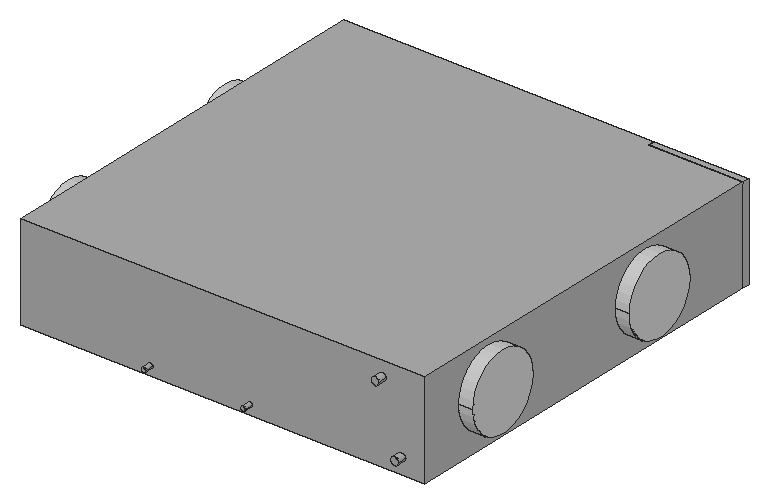
Revit family "BLAUBERG-KOMFORT_EC_DBW_900_Left", category Mechanical Equipment, Revit 2019
Family settings
  Round Connector Dimension = Use Diameter
  Classification = None
  Part Type = Normal
  OmniClass Number = 23.75.35.14
  OmniClass Title = Air Handling Units
  Work Plane-Based = No
  Always vertical = Yes
  Cut with Voids When Loaded = No
  Shared = No
  Room Calculation Point = No
Parameters (values of type "KOMFORT EC DBW 900 L S21")
  Weight = 112.00 kg
  LDrainCon = 28 mm
  Maximum Unit Power = 442 W
  Maximum Unit Current = 3.1 A
  HeaterSupplyConL = 76 mm
  HeaterSupplyConH = 52 mm
  HeaterReturnConL = 141 mm
  HeaterReturnConH = 269 mm
  Heater Pressure Drop [instance] = 0.0 Pa
  Heater Power [instance] = 0 W
  Heater Flow [instance] = 0.0 L/s
  Heater Connection Diameter = 25 mm
  Heat Exchanger Material = "polystyrene"
  LDuctCon = 50 mm  # constant formula
  HDrainCon = 31 mm
  H = 318 mm
  Front Maintenance Zone Width = H  # 318 mm
  Front Maintenance Zone Length = L  # 1349 mm
  ElBoxB1 = 21 mm
  ElBoxB = 22 mm
  ElBoxL = 315 mm
  DrainPipe = yes
  DrainD = if(Drain Connection Diameter = 0 mm, 1 mm, Drain Connection Diameter)  # 14 mm
  Drain Flow [instance] = 0.0 L/s
  Drain Connection Diameter = 14 mm
  LDrainCon2 = 582 mm
  LDrainCon1 = 435 mm
  DPS_H = 198 mm
  DPS_L2 = 404 mm
  DPS_L1 = 147 mm
  B2 = 265 mm
  Air Flow Factor [instance] = 1  # constant formula
  B1 = 432 mm
  Air Flow Exhaust [instance] = 0 m³/h
  L = 1349 mm
  Voltage = 230 V
  URL = "https://blaubergventilatoren.de/en/product/komfort-ec-dbw-900-l-s21"
  Type Comments = "Air Handling Unit KOMFORT EC DBW 900 L S21"
  Transported Air Temperature (°C) = "-25…+40"
  Supply Air Filter = "G4 (F7 option)"
  Sound Pressure Level at 3 m (dBA) = 33
  SEC Class = "A"
  RPM (min-1) = 2720
  Power Factor = 1
  Power = Maximum Unit Power  # 442 W
  Number of Poles = 1
  Model = "KOMFORT EC DBW 900 L S21"
  Maximum Air Flow = 1030 m³/h
  Manufacturer = "Blauberg"
  Maintenance Zone Material = Maintenance Zone
  Front Maintenance Zone Height = 800 mm
  Maintenance Zone [instance] = no
  Load Classification = HVAC
  B = 1351 mm
  Heat recovery efficiency (%) = "75..88"
  Heat Exchanger Type = "counter-flow"
  H1 = 143 mm
  Metal Material = Metal Zinc
  Family Version = "1.0"  # constant formula
  Extract Air Filter = "G4"
  Duct Connection Diameter = 250 mm
  Description = "Air Handling Unit"
  D = Duct Connection Diameter  # 250 mm
  Current = Maximum Unit Current  # 3.1 A
  Copyright = "©Blauberg"
  Casing Material = Painted Steel Gray
  Apparent Power [instance] = Power / Power Factor  # 442 VA
  Air Flow Supply [instance] = 0 m³/h
Types (2, lengths in mm): name | Heat Exchanger Material | DrainPipe | DrainD | Drain Connection Diameter | URL | Type Comments | Model | Heat recovery efficiency (%)
  KOMFORT EC DBW 900 L S21 | "polystyrene" | yes | 14 | 14 | "https://blaubergventilatoren.de/en/product/komfort-ec-dbw-900-l-s21" | "Air Handling Unit KOMFORT EC DBW 900 L S21" | "KOMFORT EC DBW 900 L S21" | "75..88"
  KOMFORT EC DBW 900-E L S21 | "enthalpy" | no | 1 | 0 | "https://blaubergventilatoren.de/en/product/komfort-ec-dbw-900-e-l-s21" | "Air Handling Unit KOMFORT EC DBW 900-E L S21" | "KOMFORT EC DBW 900-E L S21" | "69..85"
Reference planes
  plane 1 "Center (Front/Back)": y = 0
  plane 2: z = 0
  plane 3 "Center (Left/Right)": x = 0
  plane 4 "Back": y = 675.5
  plane 5 "Front": y = -675.5
  plane 6 "L": x = -674.5
  plane 7 "R": x = 674.5
  plane 8 "DuctConB2": y = 243.5
  plane 9 "DuctConB1": y = -410.5
  plane 10: x = -724.5
  plane 11: x = 724.5
  plane 12 "Top": z = 143
  plane 13 "Bottom": z = -175
  plane 14 "DrainConH": z = -144
  plane 15 "DrainConL1": x = -239.5
  plane 16 "DrainConL2": x = 92.5
  plane 17 "S": y = -703.5
  plane 18 "ElBox": y = 654.5
  plane 19: y = 676.5
  plane 20: x = 359.5
  plane 21 "DPSL1": x = 270.5
  plane 22 "DPSL2": x = -527.5
  plane 23: z = -55
  plane 24 "HeaterSupplyConH": z = -123
  plane 25 "HeaterReturnConH": z = 94
  plane 26 "HeaterReturnConL": x = 533.5
  plane 27 "HeaterSupplyConL": x = 598.5
Forms (mm)
  Extrusion 1, solid, material "Painted Steel Gray" <- "Casing Material", detail levels medium+fine
    sketch origin (0, 0, 0) x (1, 0, 0) y (0, 1, 0)
      loop
        line (-674.5, 675.5) -> (-674.5, -675.5) -> (674.5, -675.5) -> (674.5, 654.5) -> (359.5, 654.5) -> (359.5, 675.5) -> (-674.5, 675.5)
    from -175 to 143
  Extrusion 2, solid, material "Metal Zinc" <- "Metal Material", detail levels medium+fine
    sketch origin (-674.5, 0, 0) x (0, 1, 0) y (0, 0, 1)
      loop
        circle (243.5, 0) r 125
      loop
        circle (-410.5, 0) r 125
    from 0 to -50
  Extrusion 3, solid, material "Metal Zinc" <- "Metal Material", detail levels medium+fine
    sketch origin (674.5, 0, 0) x (0, 1, 0) y (0, 0, 1)
      loop
        circle (243.5, 0) r 125
      loop
        circle (-410.5, 0) r 125
    from 0 to 50
  Extrusion 4, solid, material "Painted Steel Gray" <- "Casing Material", visible <- "DrainPipe", detail levels medium+fine
    sketch origin (0, -675.5, 0) x (-1, 0, 0) y (0, 0, 1)
      loop
        circle (239.5, -144) r 7
    from 0 to -28
  Extrusion 5, solid, material "Painted Steel Gray" <- "Casing Material", visible <- "DrainPipe", detail levels medium+fine
    sketch origin (0, -675.5, 0) x (-1, 0, 0) y (0, 0, 1)
      loop
        circle (-92.5, -144) r 7
    from 0 to -28
  Extrusion 6, solid, material "Painted Steel Gray" <- "Casing Material", detail levels medium+fine
    sketch origin (0, 0, 0) x (1, 0, 0) y (0, 1, 0)
      loop
        line (359.5, 676.5) -> (359.5, 654.5) -> (674.5, 654.5) -> (674.5, 676.5) -> (359.5, 676.5)
    from -175 to 143
  Extrusion 7, solid, material "Painted Steel Gray" <- "Casing Material", detail levels medium+fine
    sketch origin (0, -675.5, 0) x (-1, 0, 0) y (0, 0, 1)
      loop
        circle (-598.5, -123) r 12.5
      loop
        circle (-533.5, 94) r 12.5
    from 0 to -28
Lines and regions (mm)
  model lines, detail levels coarse
    curve 1: line (-674.5, 675.5, 0) -> (674.5, 675.5, 0)
    curve 2: line (-674.5, -675.5, 0) -> (-674.5, 675.5, 0)
    curve 3: line (674.5, -675.5, 0) -> (-674.5, -675.5, 0)
    curve 4: line (674.5, 675.5, 0) -> (674.5, -675.5, 0)
    curve 5: line (-674.5, 243.5, 0) -> (-724.5, 243.5, 0)
    curve 6: line (-674.5, -410.5, 0) -> (-724.5, -410.5, 0)
    curve 7: line (674.5, -410.5, 0) -> (724.5, -410.5, 0)
    curve 8: line (674.5, 243.5, 0) -> (724.5, 243.5, 0)
Dimensions and locks
  equal spacing: plane 6 "L", plane 3 "Center (Left/Right)", plane 7 "R"
  "L": plane 6 "L" to plane 7 "R"
  equal spacing: plane 4 "Back", plane 1 "Center (Front/Back)", plane 5 "Front"
  "B": plane 4 "Back" to plane 5 "Front"
  "B1": plane 4 "Back" to plane 8 "DuctConB2"
  "B2": plane 9 "DuctConB1" to plane 5 "Front"
  "LDuctCon": plane 10 to plane 6 "L"
  "LDuctCon": plane 7 "R" to plane 11
  "H1": plane 12 "Top" to level
  "H": plane 12 "Top" to plane 13 "Bottom"
  "HDrainCon": plane 14 "DrainConH" to plane 13 "Bottom"
  "LDrainCon1": plane 6 "L" to plane 15 "DrainConL1"
  "LDrainCon2": plane 16 "DrainConL2" to plane 7 "R"
  "LDrainCon": plane 5 "Front" to plane 17 "S"
  "ElBoxB": plane 19 to plane 18 "ElBox"
  "ElBoxL": plane 20 to plane 7 "R"
  "DPS_L1": plane 6 "L" to plane 22 "DPSL2"
  "DPS_L2": plane 21 "DPSL1" to plane 7 "R"
  "DPS_H": plane 12 "Top" to plane 23
  "ElBoxB1": plane 4 "Back" to plane 18 "ElBox"
  "HeaterSupplyConH": plane 13 "Bottom" to plane 24 "HeaterSupplyConH"
  "HeaterReturnConH": plane 13 "Bottom" to plane 25 "HeaterReturnConH"
  "HeaterSupplyConL": plane 27 "HeaterSupplyConL" to plane 7 "R"
  "HeaterReturnConL": plane 26 "HeaterReturnConL" to plane 7 "R"
  "D": diameter of Extrusion 2 sketch curve  (x2)
  "D": diameter of Extrusion 3 sketch curve  (x2)
  "DrainD": diameter of Extrusion 4 sketch curve
  "DrainD": diameter of Extrusion 5 sketch curve
  "Heater Connection Diameter": diameter of Extrusion 7 sketch curve  (x2)
  aligned and locked: level to plane 2
  aligned and locked: Extrusion 1 sketch curve to plane 4 "Back"
  aligned and locked: plane 6 "L" to Extrusion 1 sketch curve
  aligned and locked: plane 5 "Front" to Extrusion 1 sketch curve
  aligned and locked: Extrusion 1 sketch curve to plane 7 "R"
  aligned and locked: plane 12 "Top" to Extrusion 1
  aligned and locked: Extrusion 1 to plane 13 "Bottom"
  aligned and locked: plane 11 to Extrusion 3
  aligned and locked: Extrusion 2 to plane 10
  aligned and locked: Extrusion 4 to plane 17 "S"
  aligned and locked: Extrusion 5 to plane 17 "S"
  aligned and locked: Extrusion 6 sketch curve to plane 19
  aligned and locked: plane 18 "ElBox" to Extrusion 6 sketch curve
  aligned and locked: Extrusion 6 sketch curve to plane 7 "R"
  aligned and locked: plane 12 "Top" to Extrusion 6
  aligned and locked: Extrusion 6 to plane 13 "Bottom"
  aligned and locked: plane 20 to Extrusion 6 sketch curve
  aligned and locked: plane 20 to Extrusion 1 sketch curve
  aligned and locked: plane 18 "ElBox" to Extrusion 1 sketch curve
  aligned and locked: nested 1 to plane 21 "DPSL1"
  aligned and locked: nested 1 to plane 23
  aligned and locked: nested 2 to plane 23
  aligned and locked: nested 2 to plane 22 "DPSL2"
  aligned and locked: nested 3 to plane 3 "Center (Left/Right)"
  aligned and locked: plane 12 "Top" to nested 3
  aligned and locked: curve 1 to nested 3
  aligned and locked: curve 3 to Extrusion 1
  aligned and locked: curve 4 to Extrusion 1
  aligned and locked: plane 10 to curve 5
  aligned and locked: plane 6 "L" to curve 5
  aligned and locked: plane 8 "DuctConB2" to curve 5
  aligned and locked: plane 10 to curve 6
  aligned and locked: plane 6 "L" to curve 6
  aligned and locked: plane 9 "DuctConB1" to curve 6
  aligned and locked: plane 11 to curve 7
  aligned and locked: plane 7 "R" to curve 7
  aligned and locked: curve 7 to plane 9 "DuctConB1"
  aligned and locked: plane 11 to curve 8
  aligned and locked: curve 8 to plane 8 "DuctConB2"
Automatic sketch dimensions
  Extrusion 2 sketch curve to level = 0 mm  (x2)
  Extrusion 2 sketch curve to plane 9 "DuctConB1" = 0 mm
  Extrusion 2 sketch curve to plane 8 "DuctConB2" = 0 mm
  Extrusion 3 sketch curve to level = 0 mm  (x2)
  Extrusion 3 sketch curve to plane 9 "DuctConB1" = 0 mm
  Extrusion 3 sketch curve to plane 8 "DuctConB2" = 0 mm
  Extrusion 4 sketch curve to plane 14 "DrainConH" = 0 mm
  Extrusion 4 sketch curve to plane 15 "DrainConL1" = 0 mm
  Extrusion 5 sketch curve to plane 14 "DrainConH" = 0 mm
  Extrusion 5 sketch curve to plane 16 "DrainConL2" = 0 mm
  Extrusion 7 sketch curve to plane 24 "HeaterSupplyConH" = 0 mm
  Extrusion 7 sketch curve to plane 27 "HeaterSupplyConL" = 0 mm
  Extrusion 7 sketch curve to plane 25 "HeaterReturnConH" = 0 mm
  Extrusion 7 sketch curve to plane 26 "HeaterReturnConL" = 0 mm
Nested families
  nested 1: "DPS" at (270.5, 675.5, -55) x (-1, 0, 0) z (0, 1, 0), type "DPS", detail levels medium+fine
  nested 2: "DPS" at (-527.5, 675.5, -55) x (-1, 0, 0) z (0, 1, 0), type "DPS", detail levels medium+fine
  nested 3: "MaintenanceZone_Rect" at (0, 675.5, -16) x (-1, 0, 0) z (0, -1, 0), visible <- "Maintenance Zone", type "Side", detail levels medium+fine
    with Maintenance Zone Width 318 mm, Maintenance Zone Length 1349 mm, Maintenance Zone Height 800 mm
Connectors
  electrical at (674.5, 665.5, -16), driven by "Number of Poles", driven by "Load Classification", driven by "Voltage", driven by "Apparent Power", driven by "Power Factor"
    settings: on Extrusion 6, index 1, voltage 230 V, apparent load 442 VA, apparent load phase1 0 VA, apparent load phase2 0 VA, apparent load phase3 0 VA, power factor 1, load classification "HVAC", number of poles 1, system type 30, power factor state 1, is connector primary yes, connector utility no, sub classification motor no, connector description ""
  hvac at (724.5, -410.5, 0), driven by "Duct Connection Diameter", driven by "Air Flow Supply"
    settings: on Extrusion 3, index 2, duct flow 0 m³/h, flow factor 0, pres drop 0.0 Pa, loss coef 0, conn angle 0.00°, conn width 304.8 mm, conn height 304.8 mm, conn diameter 250 mm, duct sys type 1, conn prof type 0, flow config 0, flow direction 2, loss method 0, conn ref index -1, conn util no, is conn primary yes, conn desc "Supply Air"
  hvac at (724.5, 243.5, 0), driven by "Duct Connection Diameter", driven by "Air Flow Exhaust"
    settings: on Extrusion 3, index 3, duct flow 0 m³/h, flow factor 0, pres drop 0.0 Pa, loss coef 0, conn angle 0.00°, conn width 304.8 mm, conn height 304.8 mm, conn diameter 250 mm, duct sys type 3, conn prof type 0, flow config 0, flow direction 1, loss method 0, conn ref index -1, conn util no, is conn primary no, conn desc "Extract Air"
  hvac at (-724.5, 243.5, 0), driven by "Duct Connection Diameter", driven by "Air Flow Supply"
    settings: on Extrusion 2, index 4, duct flow 0 m³/h, flow factor 0, pres drop 0.0 Pa, loss coef 0, conn angle 0.00°, conn width 304.8 mm, conn height 304.8 mm, conn diameter 250 mm, duct sys type 1, conn prof type 0, flow config 1, flow direction 1, loss method 0, conn ref index -1, conn util no, is conn primary no, conn desc "Intake Air"
  hvac at (-724.5, -410.5, 0), driven by "Duct Connection Diameter", driven by "Air Flow Exhaust"
    settings: on Extrusion 2, index 5, duct flow 0 m³/h, flow factor 0, pres drop 0.0 Pa, loss coef 0, conn angle 0.00°, conn width 304.8 mm, conn height 304.8 mm, conn diameter 250 mm, duct sys type 3, conn prof type 0, flow config 1, flow direction 2, loss method 0, conn ref index -1, conn util no, is conn primary no, conn desc "Exhaust Air"
  piping at (-239.5, -703.5, -144), diameter 14, driven by "Drain Connection Diameter", driven by "Drain Flow"
    settings: on Extrusion 4, index 6, connector inside diameter 609.6 mm, connector length 0 mm, flow factor 0, pipe flow 0.0 L/s, pressure drop 0.0 Pa, fitting loss kfactor 0, connector angle 0.00°, fixture units 0, engagement length 0 mm, angle of deflection 0.00°, flow configuration 1, flow direction 2, fitting loss method 0, system type 16, joint type 0, gender type 0, connector reference index -1, connector utility 0, adjustable connector no, is connector primary yes, connector description ""
  piping at (92.5, -703.5, -144), diameter 14, driven by "Drain Connection Diameter", driven by "Drain Flow"
    settings: on Extrusion 5, index 7, connector inside diameter 609.6 mm, connector length 0 mm, flow factor 0, pipe flow 0.0 L/s, pressure drop 0.0 Pa, fitting loss kfactor 0, connector angle 0.00°, fixture units 0, engagement length 0 mm, angle of deflection 0.00°, flow configuration 1, flow direction 2, fitting loss method 0, system type 16, joint type 0, gender type 0, connector reference index -1, connector utility 0, adjustable connector no, is connector primary no, connector description ""
  piping at (533.5, -703.5, 94), diameter 25, driven by "Heater Connection Diameter", driven by "Heater Flow", driven by "Heater Pressure Drop"
    settings: on Extrusion 7, index 8, connector inside diameter 609.6 mm, connector length 0 mm, flow factor 0, pipe flow 0.0 L/s, pressure drop 0.0 Pa, fitting loss kfactor 0, connector angle 0.00°, fixture units 0, engagement length 0 mm, angle of deflection 0.00°, flow configuration 1, flow direction 2, fitting loss method 4, system type 8, joint type 0, gender type 0, connector reference index -1, connector utility 0, adjustable connector no, is connector primary no, connector description "Water outlet"
  piping at (598.5, -703.5, -123), diameter 25, driven by "Heater Connection Diameter", driven by "Heater Pressure Drop", driven by "Heater Flow"
    settings: on Extrusion 7, index 9, connector inside diameter 609.6 mm, connector length 0 mm, flow factor 0, pipe flow 0.0 L/s, pressure drop 0.0 Pa, fitting loss kfactor 0, connector angle 0.00°, fixture units 0, engagement length 0 mm, angle of deflection 0.00°, flow configuration 1, flow direction 1, fitting loss method 4, system type 7, joint type 0, gender type 0, connector reference index -1, connector utility 0, adjustable connector no, is connector primary no, connector description "Water inlet"
Definition of nested family "DPS"
  Parameters (values of type "DPS")
    W1 = 65 mm
    Thikness = 2 mm
    Material = none
    H1 = 47 mm
    Default Elevation = 1219.2 mm
  Reference planes
    plane 1 "Center (Front/Back)": y = 0
    plane 2: z = 0
    plane 3 "Center (Left/Right)": x = 0
    plane 4: z = 47
    plane 5: z = 51.5
    plane 6: z = 75.5
    plane 7: z = 78
    plane 8: z = 92
    plane 9: z = 86
    plane 10: x = -32.5
    plane 11: x = 32.5
    plane 12 "1": y = 50
    plane 13: y = 48
    plane 14: z = 45
    plane 15 "2": y = -22
    plane 16: z = 64
  Forms (mm)
    Revolve 1, solid, material <- "Material"
      sketch origin (0, 0, 0) x (1, 0, 0) y (0, 0, 1)
        loop
          line (-40.5, 47) -> (0, 47) -> (0, 92) -> (-31, 92) -> (-35, 86) -> (-35, 78) -> (-37.309, 78) -> (-37.309, 75.5) -> (-36, 75.5) -> (-36, 51.5) -> (-40.5, 51.5) -> (-40.5, 47)
        axis (0, 92) -> (0, 47)
      angle from 0 to 360
    Extrusion 2, solid, material <- "Material"
      sketch origin (0, 0, 0) x (0, 1, 0) y (0, 0, 1)
        loop
          line (50, 0) -> (50, 47) -> (0, 47) -> (0, 45) -> (48, 45) -> (48, 0) -> (50, 0)
      from -32.5 to 32.5
    Extrusion 3, solid, material <- "Material"
      sketch origin (0, 0, 0) x (0, 1, 0) y (0, 0, 1)
        loop
          circle (-22, 64) r 10
      from 0 to 50
  Cuts and joins
    joined: Revolve 1, Extrusion 3
  Dimensions and locks
    locked: plane 5 to plane 4 at 4.5
    locked: plane 6 to plane 5 at 24
    locked: plane 7 to plane 6 at 2.5
    locked: plane 8 to plane 9 at 6
    locked: plane 9 to plane 7 at 8
    "H1": plane 4 to level
    equal spacing: plane 11, plane 3 "Center (Left/Right)", plane 10
    "W1": plane 11 to plane 10
    "Thikness": plane 4 to plane 14
    "Thikness": plane 12 "1" to plane 13
    locked: plane 1 "Center (Front/Back)" to plane 12 "1" at 50
    locked: plane 15 "2" to plane 1 "Center (Front/Back)" at 22
    plane 16 to plane 4 = 17 mm
    aligned and locked: level to plane 2
    aligned and locked: Revolve 1 sketch curve to plane 3 "Center (Left/Right)"  (x2)
    aligned and locked: plane 6 to Revolve 1 sketch curve
    aligned and locked: plane 7 to Revolve 1 sketch curve
    aligned and locked: plane 5 to Revolve 1 sketch curve
    aligned and locked: plane 8 to Revolve 1 sketch curve
    aligned and locked: Extrusion 2 sketch curve to plane 13
    aligned and locked: plane 14 to Extrusion 2 sketch curve
    aligned and locked: Extrusion 2 sketch curve to plane 1 "Center (Front/Back)"
    aligned and locked: Extrusion 2 to plane 10
    aligned and locked: plane 11 to Extrusion 2
  Automatic sketch dimensions
    Revolve 1 sketch curve to plane 4 = 0 mm
    Revolve 1 sketch curve to plane 9 = 0 mm
    Revolve 1 sketch curve to plane 3 "Center (Left/Right)" = 31 mm
    Revolve 1 sketch curve to Revolve 1 sketch curve = 4 mm
    Revolve 1 sketch curve to Revolve 1 sketch curve = 1 mm
    Revolve 1 sketch curve to Revolve 1 sketch curve = 1.309 mm
    Revolve 1 sketch curve to Revolve 1 sketch curve = 4.5 mm
    Revolve 1 sketch curve to Revolve 1 sketch curve = 27.818 mm
    Revolve 1 sketch curve to Revolve 1 sketch curve = 2.182 mm
    Extrusion 2 sketch curve to level = 0 mm
    Extrusion 2 sketch curve to plane 12 "1" = 0 mm
    Extrusion 2 sketch curve to plane 4 = 0 mm
    Extrusion 3 sketch curve to plane 15 "2" = 0 mm
    Extrusion 3 sketch curve to plane 16 = 0 mm
    radius of Extrusion 3 sketch curve = 10 mm
Definition of nested family "MaintenanceZone_Rect"
  Parameters (values of type "MaintenanceZone_Rect")
    Maintenance Zone Width = 500 mm
    Material = none
    Maintenance Zone Length = 1000 mm
    Maintenance Zone Height = 300 mm
    Family Version = ""
    Default Elevation = 1219.2 mm
    Copyright = ""
  Reference planes
    plane 1 "Center (Front/Back)": y = 0
    plane 2: z = 0
    plane 3 "Center (Left/Right)": x = 0
    plane 4: x = -500
    plane 5: x = 500
    plane 6: y = 250
    plane 7: y = -250
    plane 8: z = -300
  Forms (mm)
    Extrusion 1, solid, material <- "Material", detail levels medium+fine
      sketch origin (0, 0, 0) x (1, 0, 0) y (0, 1, 0)
        loop
          line (-500, 250) -> (-500, -250) -> (500, -250) -> (500, 250) -> (-500, 250)
      from 0 to -300
  Lines and regions (mm)
    symbolic lines, detail levels medium+fine
      curve 1: line (-500, 0, 0) -> (500, 0, 0)
      curve 2: line (-500, 0, -300) -> (-500, 0, 0)
      curve 3: line (500, 0, -300) -> (-500, 0, -300)
      curve 4: line (500, 0, 0) -> (500, 0, -300)
      curve 5: line (0, 250, 0) -> (0, -250, 0)
      curve 6: line (0, 250, -300) -> (0, 250, 0)
      curve 7: line (0, -250, -300) -> (0, 250, -300)
      curve 8: line (0, -250, 0) -> (0, -250, -300)
      curve 9: line (-500, 250, 0) -> (500, 250, 0)
      curve 10: line (-500, -250, 0) -> (-500, 250, 0)
      curve 11: line (500, -250, 0) -> (-500, -250, 0)
      curve 12: line (500, 250, 0) -> (500, -250, 0)
  Dimensions and locks
    equal spacing: plane 6, plane 1 "Center (Front/Back)", plane 7
    equal spacing: plane 4, plane 3 "Center (Left/Right)", plane 5
    "Maintenance Zone Width": plane 6 to plane 7
    "Maintenance Zone Length": plane 4 to plane 5
    "Maintenance Zone Height": plane 2 to plane 8
    aligned and locked: level to plane 2
    aligned and locked: Extrusion 1 sketch curve to plane 6
    aligned and locked: plane 4 to Extrusion 1 sketch curve
    aligned and locked: plane 7 to Extrusion 1 sketch curve
    aligned and locked: Extrusion 1 sketch curve to plane 5
    aligned and locked: Extrusion 1 to plane 8
    aligned and locked: curve 1 to Extrusion 1
    aligned and locked: curve 2 to Extrusion 1
    aligned and locked: curve 3 to Extrusion 1
    aligned and locked: curve 4 to Extrusion 1
    aligned and locked: curve 5 to Extrusion 1
    aligned and locked: curve 6 to Extrusion 1
    aligned and locked: curve 7 to Extrusion 1
    aligned and locked: curve 8 to Extrusion 1
    aligned and locked: curve 9 to Extrusion 1
    aligned and locked: curve 10 to Extrusion 1
    aligned and locked: curve 11 to Extrusion 1
    aligned and locked: curve 12 to Extrusion 1
